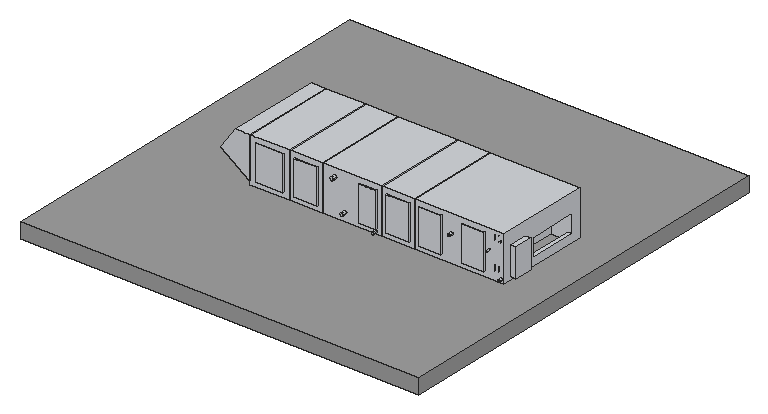
Revit family
Parameters (values of type "4 Row CW")
  Wheel Size [instance] = ""
  Voltage = 480 V
  Unit Weight (lbs) = 3319  # constant formula
  URL = "http://www.appliedair.com"
  Total Static Pressure [instance] = 0.00 in-wg
  Total Heating Capacity [instance] = 0.0 Btu/h
  Total Cooling Capacity [instance] = 0.0 Btu/h
  Temperature Rise [instance] = 0 °F
  Supply Air Pressure Drop [instance] = 0.00 in-wg
  Supply Air Outlet Flow [instance] = 0 CFM
  Supply Air Inlet Flow [instance] = 0 CFM
  Series = "IFL"
  Return Coil Horizontal Offset = 0' - 10"
  Return Air Inlet Flow [instance] = 0 CFM
  Return Air Flow Height = 1' - 8"
  Product URL = "http://www.appliedair.com/ifl.asp"
  Power Vertical Offset = 1' - 2 1/4"
  Power Horizontal Offset = 2' - 6"
  Power Connection Radius = 0' - 0 3/4"
  Phase = 3
  Output Heat [instance] = 0.0 Btu/h
  OmniClass = "23-75 10 24 21 27 17"
  Number of Rows = 4
  Number of Poles = 3
  Nominal Width = 6' - 4"  # constant formula
  Nominal Length = 18' - 11 5/16"  # constant formula
  Nominal Height = 3' - 0"  # constant formula
  Motor Horsepower (HP) [instance] = 0
  Motor Brake Horsepower (BHP) [instance] = 0
  Motor Amps [instance] = 0 A
  Model = "20"
  Minimum Input [instance] = 0.0 Btu/h
  Minimum Air Flow = 1500 CFM
  Maximum Input [instance] = 0.0 Btu/h
  Maximum Air Flow = 5000 CFM
  Manufacturer = "Applied Air"
  M = 3' - 4"  # constant formula
  L = 1' - 2 1/2"  # constant formula
  K = 2' - 4 11/16"  # constant formula
  J = 0' - 6 3/8"  # constant formula
  Heating Leaving Water Temperature [instance] = 0 °F
  Heating Leaving Air Temperature Wet Bulb [instance] = 0 °F
  Heating Leaving Air Temperature Dry Bulb [instance] = 0 °F
  Heating Entering Water Temperature [instance] = 0 °F
  Heating Entering Air Temperature Wet Bulb [instance] = 0 °F
  Heating Entering Air Temperature Dry Bulb [instance] = 0 °F
  Gas Vertical Offset = 1' - 9"  # constant formula
  Gas Horizontal Offset = 0' - 11 1/2"
  Gas Connection Radius = 0' - 0 3/8"  # constant formula
  Condensate Drain Vertical Offset = 0' - 2 3/4"
  Condensate Drain Radius = 0' - 0 3/4"  # constant formula
  Gas Pressure Drop [instance] = 0.00 psi
  Gas Input [instance] = 0.0 Btu/h
  Condensate Drain Horizontal Offset = 0' - 1 27/32"
  Gas Flow [instance] = 0 GPM
  Condensate Drain Connection Radius = Condensate Drain Radius  # 0' - 0 3/4"
  Furnace Size [instance] = ""
  Frequency = 60 Hz
  Fan Speed (RPM) [instance] = 0
  Face Velocity (FPM) [instance] = 0
  Face Pressure Drop [instance] = 0' - 0"
  Drain Pressure Drop [instance] = 0.00 psi
  Drain Flow [instance] = 0 GPM
  Description = "Dedicated Outside Air Split System"
  Cooling Sensible Capacity [instance] = 0 Btu/h
  Cooling Leaving Air Temperature Wet Bulb [instance] = 0 °F
  Cooling Leaving Air Temperature Dry Bulb [instance] = 0 °F
  Cooling Entering Air Temperature Wet Bulb [instance] = 0 °F
  Cooling Entering Air Temperature Dry Bulb [instance] = 0 °F
  Cooling Coil Radius = 0' 2 1/2" / 2  # 0' - 1 1/4"
  H = 0' - 3 1/16"
  G = 1' - 11 5/16"
  Drain Vertical Offset = 0' - 2"
  Drain Radius = 0' - 1"
  Drain Horizontal Offset = 0' - 5"
  Default Elevation = 0' - 0"
  F = 2' - 2"
  E = 4' - 0"
  D = 5' - 4"
  Combustion Air Flow [instance] = 0 CFM
  Coils Depth = 0' - 3"
  Coil Face Area = if(Choose Coil Option = 1, 6.00 SF, if(Choose Coil Option = 2, 10.50 SF, 0.00 SF))  # 10.50 SF
  Choose Coil Option = 2
  Chilled Water Pressure [instance] = 0.00 in-wg
  Chilled Water Flow [instance] = 0 GPM
  Coils Vertical Offsets = 0' - 6 143/256"
  Supply Coil Horizontal Offset = 1' - 6"
  Burner Amps [instance] = 0 A
  B = 6' - 0"
  Assembly Code = "D3030200"
  Apparent Power [instance] = (Motor Amps + Burner Amps) * Voltage * sqrt(3)  # 0 VA
  AHU Material = Galvanized Steel
  24x63 CW Coils = Choose Coil Option = 2  # yes
  24x36 CW Coils = Choose Coil Option = 1  # no
Reference planes (in)
  plane 1 "Center (Front/Back)": y = 0
  plane 2: z = -0.00391
  plane 3 "Center (Left/Right)": x = 0
  plane 4: y = 38
  plane 5: y = -38
  plane 6: x = -24
  plane 7: x = 24
  plane 8: x = 50
  plane 9: z = 35.99609
  plane 10: x = 122
  plane 11: x = -50
  plane 12: x = -82
  plane 13: x = -105.3125
  plane 14: x = -14
  plane 15: x = -6
  plane 16: z = 6.55469
  plane 17: z = 29.4375
  plane 18: y = -41
  plane 19: x = 19
  plane 20: z = 1.99609
  plane 21: x = 80
  plane 22: z = 21.74609
  plane 23: z = 2.74609
  plane 24: x = 120.15625
  plane 25: x = 110.5
  plane 26: z = 20.99609
Forms (in)
  Extrusion 1, solid, material "Default"
    sketch origin (0, 0, 0) x (1, 0, 0) y (0, 1, 0)
      loop
        line (-164.84185, 166) -> (-164.84185, -165.6411) -> (155.35983, -165.6411) -> (155.35983, 166) -> (-164.84185, 166)
    from -0.00391 to -12
  Extrusion 2, solid
    sketch origin (0.62705, 0, 0) x (1, 0, 0) y (0, 0, 1)
      loop
        line (-24.62705, 0) -> (23.37295, 0) -> (23.37295, 35.99609) -> (-24.62705, 35.99609) -> (-24.62705, 0)
    from -38 to 38
  Extrusion 3, solid
    sketch origin (66.62705, 0, 0) x (1, 0, 0) y (0, 0, 1)
      loop
        line (-42.62705, 0) -> (-16.62705, 0) -> (-16.62705, 35.99609) -> (-42.62705, 35.99609) -> (-42.62705, 0)
    from -38 to 38
  Extrusion 4, solid
    sketch origin (120.62705, 0, 0) x (1, 0, 0) y (0, 0, 1)
      loop
        line (-70.62705, 0) -> (1.37295, 0) -> (1.37295, 35.99609) -> (-70.62705, 35.99609) -> (-70.62705, 0)
    from -38 to 38
  Extrusion 5, solid
    sketch origin (-17.37295, 0, 0) x (1, 0, 0) y (0, 0, 1)
      loop
        line (-32.62705, -0.00391) -> (-6.62705, -0.00391) -> (-6.62705, 35.99609) -> (-32.62705, 35.99609) -> (-32.62705, -0.00391)
    from -38 to 38
  Extrusion 6, solid
    sketch origin (-41.37295, 0, 0) x (1, 0, 0) y (0, 0, 1)
      loop
        line (-40.62705, -0.00391) -> (-8.62705, -0.00391) -> (-8.62705, 35.99609) -> (-40.62705, 35.99609) -> (-40.62705, -0.00391)
    from -38 to 38
  Extrusion 7, solid
    sketch origin (0, 0, 0) x (1, 0, 0) y (0, 0, 1)
      loop
        line (-105.3125, 18.99609) -> (-82, 2.99609) -> (-82, 35.99609) -> (-93.64494, 35.99609) -> (-105.3125, 18.99609)
    from -38 to 38
  Extrusion 8, void
    sketch origin (0, 0, 0) x (1, 0, 0) y (0, 1, 0)
      loop
        line (-75, 32) -> (-75, -32) -> (-55, -32) -> (-55, 32) -> (-75, 32)
    from 0 to 31.59567
  Extrusion 9, void
    sketch origin (0, 0, 0) x (0, 1, 0) y (0, 0, 1)
      loop
        line (-32, 9) -> (32, 9) -> (32, 29) -> (-32, 29) -> (-32, 9)
    from -55 to -94.13707
  Extrusion 10, void
    sketch origin (0, 0, 0) x (1, 0, 0) y (0, 0, 1)
      loop
        line (-102.50827, 17.06733) -> (-86.01841, 5.7538) -> (-77.78066, 17.7606) -> (-94.27052, 29.07414) -> (-102.50827, 17.06733)
    from -32 to 32
  Extrusion 11, void
    sketch origin (0, 0, 0) x (1, 0, 0) y (0, 1, 0)
      loop
        line (118.9375, -9.3125) -> (118.9375, 30.6875) -> (104.4375, 30.6875) -> (104.4375, -9.3125) -> (118.9375, -9.3125)
    from 0 to 21.23232
  Extrusion 12, void
    sketch origin (0, 0, 0) x (1, 0, 0) y (0, 0, 1)
      loop
        line (122, 6.37109) -> (122, 20.87109) -> (104.4375, 20.87109) -> (104.4375, 6.37109) -> (122, 6.37109)
    from -30.6875 to 9.3125
  Extrusion 13, solid
    sketch origin (0, 0, 0) x (1, 0, 0) y (0, 1, 0)
      loop
        line (122, -17) -> (122, -32) -> (127, -32) -> (127, -17) -> (122, -17)
    from 3.06225 to 25.87762
  Extrusion 14, solid
    sketch origin (0, 0, 0) x (1, 0, 0) y (0, 0, 1)
      loop
        circle (-6, 6.55469) r 1.25
      loop
        circle (-14, 29.4375) r 1.25
      loop
        circle (19, 1.99609) r 1
      loop
        circle (80, 21.74609) r 0.75
      loop
        circle (120.15625, 2.74609) r 0.75
      loop
        circle (110.5, 20.99609) r 0.375
    from 38 to 41
  Extrusion 15, solid
    sketch origin (0, -38, 0) x (1, 0, 0) y (0, 0, 1)
      loop
        line (-55, 31.99609) -> (-77, 31.99609) -> (-77, 3.99609) -> (-55, 3.99609) -> (-55, 31.99609)
      loop
        line (-28, 31.99609) -> (-46, 31.99609) -> (-46, 3.99609) -> (-28, 3.99609) -> (-28, 31.99609)
      loop
        line (20, 31.99609) -> (6, 31.99609) -> (6, 3.99609) -> (20, 3.99609) -> (20, 31.99609)
      loop
        line (46, 31.99609) -> (28, 31.99609) -> (28, 3.99609) -> (46, 3.99609) -> (46, 31.99609)
      loop
        line (72, 31.99609) -> (54, 31.99609) -> (54, 3.99609) -> (72, 3.99609) -> (72, 31.99609)
      loop
        line (107, 31.99609) -> (89, 31.99609) -> (89, 3.99609) -> (107, 3.99609) -> (107, 31.99609)
    from 0 to 1
  Extrusion 16, void
    sketch origin (0, 0, 0) x (1, 0, 0) y (0, 0, 1)
      loop
        line (114.55215, 32.70523) -> (114.55215, 32.20523) -> (116.80215, 32.20523) -> (116.80215, 32.70523) -> (114.55215, 32.70523)
      loop
        line (117.55215, 32.70523) -> (117.55215, 32.20523) -> (119.80215, 32.20523) -> (119.80215, 32.70523) -> (117.55215, 32.70523)
      loop
        line (114.55215, 33.45523) -> (114.55215, 32.95523) -> (116.80215, 32.95523) -> (116.80215, 33.45523) -> (114.55215, 33.45523)
      loop
        line (117.55215, 33.45523) -> (117.55215, 32.95523) -> (119.80215, 32.95523) -> (119.80215, 33.45523) -> (117.55215, 33.45523)
      loop
        line (114.55215, 31.95523) -> (114.55215, 31.45523) -> (116.80215, 31.45523) -> (116.80215, 31.95523) -> (114.55215, 31.95523)
      loop
        line (117.55215, 31.95523) -> (117.55215, 31.45523) -> (119.80215, 31.45523) -> (119.80215, 31.95523) -> (117.55215, 31.95523)
      loop
        line (114.55215, 31.20523) -> (114.55215, 30.70523) -> (116.80215, 30.70523) -> (116.80215, 31.20523) -> (114.55215, 31.20523)
      loop
        line (117.55215, 31.20523) -> (117.55215, 30.70523) -> (119.80215, 30.70523) -> (119.80215, 31.20523) -> (117.55215, 31.20523)
      loop
        line (114.55215, 30.45523) -> (114.55215, 29.95523) -> (116.80215, 29.95523) -> (116.80215, 30.45523) -> (114.55215, 30.45523)
      loop
        line (117.55215, 30.45523) -> (117.55215, 29.95523) -> (119.80215, 29.95523) -> (119.80215, 30.45523) -> (117.55215, 30.45523)
      loop
        line (114.55215, 29.70523) -> (114.55215, 29.20523) -> (116.80215, 29.20523) -> (116.80215, 29.70523) -> (114.55215, 29.70523)
      loop
        line (117.55215, 29.70523) -> (117.55215, 29.20523) -> (119.80215, 29.20523) -> (119.80215, 29.70523) -> (117.55215, 29.70523)
      loop
        line (114.55215, 7.78696) -> (116.80215, 7.78696) -> (116.80215, 8.28696) -> (114.55215, 8.28696) -> (114.55215, 7.78696)
      loop
        line (117.55215, 7.78696) -> (119.80215, 7.78696) -> (119.80215, 8.28696) -> (117.55215, 8.28696) -> (117.55215, 7.78696)
      loop
        line (114.55215, 7.03696) -> (116.80215, 7.03696) -> (116.80215, 7.53696) -> (114.55215, 7.53696) -> (114.55215, 7.03696)
      loop
        line (117.55215, 7.03696) -> (119.80215, 7.03696) -> (119.80215, 7.53696) -> (117.55215, 7.53696) -> (117.55215, 7.03696)
      loop
        line (114.55215, 8.53696) -> (116.80215, 8.53696) -> (116.80215, 9.03696) -> (114.55215, 9.03696) -> (114.55215, 8.53696)
      loop
        line (117.55215, 8.53696) -> (119.80215, 8.53696) -> (119.80215, 9.03696) -> (117.55215, 9.03696) -> (117.55215, 8.53696)
      loop
        line (114.55215, 9.28696) -> (116.80215, 9.28696) -> (116.80215, 9.78696) -> (114.55215, 9.78696) -> (114.55215, 9.28696)
      loop
        line (117.55215, 9.28696) -> (119.80215, 9.28696) -> (119.80215, 9.78696) -> (117.55215, 9.78696) -> (117.55215, 9.28696)
      loop
        line (114.55215, 10.03696) -> (116.80215, 10.03696) -> (116.80215, 10.53696) -> (114.55215, 10.53696) -> (114.55215, 10.03696)
      loop
        line (117.55215, 10.03696) -> (119.80215, 10.03696) -> (119.80215, 10.53696) -> (117.55215, 10.53696) -> (117.55215, 10.03696)
      loop
        line (114.55215, 10.78696) -> (116.80215, 10.78696) -> (116.80215, 11.28696) -> (114.55215, 11.28696) -> (114.55215, 10.78696)
      loop
        line (117.55215, 10.78696) -> (119.80215, 10.78696) -> (119.80215, 11.28696) -> (117.55215, 11.28696) -> (117.55215, 10.78696)
    from 32 to 38
Cuts and joins
  Extrusion 8, Extrusion 9 cuts Extrusion 6
  Extrusion 9 cuts Extrusion 2
  Extrusion 9 cuts Extrusion 3
  Extrusion 9, Extrusion 10 cuts Extrusion 7
  Extrusion 11, Extrusion 12, Extrusion 16 cuts Extrusion 4
Dimensions and locks (in)
  "Nominal Width": plane 5 to plane 4
  "E": plane 6 to plane 7
  equal spacing: plane 6, plane 3 "Center (Left/Right)", plane 7
  "Nominal Height": plane 9 to plane 2
  "F": plane 7 to plane 8
  "F": plane 11 to plane 6
  locked: plane 12 to plane 11 at 32
  "B": plane 8 to plane 10
  "G": plane 13 to plane 12
  "D": Extrusion 8 sketch curve to Extrusion 8 sketch curve
  locked: Extrusion 8 sketch curve to Extrusion 8 sketch curve at 20
  locked: Extrusion 9 sketch curve to Extrusion 9 sketch curve at 20
  "D": Extrusion 9 sketch curve to Extrusion 9 sketch curve
  locked: level to Extrusion 9 sketch curve at 9
  "K": plane 5 to Extrusion 11 sketch curve
  "M": Extrusion 11 sketch curve to Extrusion 11 sketch curve
  "H": Extrusion 11 sketch curve to plane 10
  "L": Extrusion 11 sketch curve to Extrusion 11 sketch curve
  "J": Extrusion 12 sketch curve to plane 2
  "L": Extrusion 12 sketch curve to Extrusion 12 sketch curve
  "K": cut or joined group of Extrusion 4, Extrusion 11, Extrusion 12, Extrusion 16 to plane 5
  "M": cut or joined group of Extrusion 4, Extrusion 11, Extrusion 12, Extrusion 16 to cut or joined group of Extrusion 4, Extrusion 11, Extrusion 12, Extrusion 16
  locked: plane 9 to Extrusion 13 at 10.11847
  locked: Extrusion 13 to Extrusion 13 at 22.81538
  locked: Extrusion 13 to plane 2 at 3.06615
  locked: Extrusion 13 to Extrusion 13 at 5
  "Coils Depth": plane 18 to plane 5
  "Coils Vertical Offsets": plane 16 to plane 2
  "Coils Vertical Offsets": plane 9 to plane 17
  "Return Coil Horizontal Offset": plane 6 to plane 14
  "Supply Coil Horizontal Offset": plane 6 to plane 15
  "Drain Vertical Offset": plane 20 to plane 2
  "Drain Horizontal Offset": plane 19 to plane 7
  locked: plane 12 to Extrusion 15 sketch curve at 5
  locked: Extrusion 15 sketch curve to plane 11 at 5
  locked: plane 9 to Extrusion 15 sketch curve at 4  (x6)
  locked: Extrusion 15 sketch curve to plane 2 at 4  (x6)
  locked: plane 11 to Extrusion 15 sketch curve at 4
  locked: Extrusion 15 sketch curve to plane 6 at 4
  locked: plane 6 to Extrusion 15 sketch curve at 30
  locked: Extrusion 15 sketch curve to plane 7 at 4
  locked: plane 7 to Extrusion 15 sketch curve at 4
  locked: Extrusion 15 sketch curve to plane 8 at 4
  locked: plane 8 to Extrusion 15 sketch curve at 4
  locked: Extrusion 15 sketch curve to Extrusion 15 sketch curve at 17
  locked: Extrusion 15 sketch curve to plane 10 at 15
  "Power Vertical Offset": plane 9 to plane 22
  "Power Horizontal Offset": plane 8 to plane 21
  locked: Extrusion 15 to plane 5 at 1
  "Condensate Drain Vertical Offset": plane 23 to plane 2
  plane 13 to plane 10 = 18' - 11 5/16"
  "Condensate Drain Horizontal Offset": plane 24 to plane 10
  "Gas Vertical Offset": plane 26 to plane 2
  "Gas Horizontal Offset": plane 25 to plane 10
  locked: Extrusion 14 sketch curve to plane 14 at 0
  locked: Extrusion 14 sketch curve to plane 15 at 0
  locked: Extrusion 14 sketch curve to plane 19 at 0
  locked: Extrusion 14 sketch curve to plane 21 at 0
  locked: Extrusion 14 sketch curve to plane 25 at 0
  locked: Extrusion 14 sketch curve to plane 23 at 0
  locked: Extrusion 14 sketch curve to plane 24 at 0
  locked: Extrusion 14 sketch curve to plane 20 at 0
  locked: Extrusion 14 sketch curve to plane 16 at 0
  locked: Extrusion 14 sketch curve to plane 26 at 0
  locked: Extrusion 14 sketch curve to plane 22 at 0
  locked: Extrusion 14 sketch curve to plane 17 at 0
  "Cooling Coil Radius": radius of Extrusion 14 sketch curve  (x2)
  "Drain Radius": radius of Extrusion 14 sketch curve
  "Power Connection Radius": radius of Extrusion 14 sketch curve
  "Condensate Drain Connection Radius": radius of Extrusion 14 sketch curve
  "Gas Connection Radius": radius of Extrusion 14 sketch curve
  aligned and locked: plane 2 to Extrusion 1
  aligned and locked: Extrusion 2 to plane 4
  aligned and locked: plane 5 to Extrusion 2
  aligned and locked: plane 6 to Extrusion 2
  aligned and locked: plane 7 to Extrusion 2
  aligned and locked: plane 7 to Extrusion 3
  aligned and locked: Extrusion 3 to plane 8
  aligned and locked: plane 9 to Extrusion 2
  aligned and locked: Extrusion 3 to Extrusion 2
  aligned and locked: plane 5 to Extrusion 3
  aligned and locked: Extrusion 3 to plane 4
  aligned and locked: Extrusion 4 to plane 9
  aligned and locked: plane 8 to Extrusion 4
  aligned and locked: Extrusion 4 to plane 10
  aligned and locked: plane 5 to Extrusion 4
  aligned and locked: Extrusion 4 to plane 4
  aligned and locked: Extrusion 5 to plane 6
  aligned and locked: plane 11 to Extrusion 5
  aligned and locked: Extrusion 5 to plane 9
  aligned and locked: Extrusion 5 to plane 2
  aligned and locked: Extrusion 5 to plane 4
  aligned and locked: plane 5 to Extrusion 5
  aligned and locked: plane 5 to Extrusion 6
  aligned and locked: Extrusion 6 to plane 4
  aligned and locked: plane 12 to Extrusion 6
  aligned and locked: Extrusion 6 to plane 11
  aligned and locked: Extrusion 6 to plane 9
  aligned and locked: Extrusion 6 to plane 2
  aligned and locked: Extrusion 7 to plane 9
  aligned and locked: plane 13 to Extrusion 7
  aligned and locked: Extrusion 7 to plane 12
  aligned and locked: Extrusion 7 to plane 4
  aligned and locked: plane 5 to Extrusion 7
  aligned and locked: cut or joined group of Extrusion 6, Extrusion 8, Extrusion 9 to Extrusion 9 sketch curve
  aligned and locked: cut or joined group of Extrusion 6, Extrusion 8, Extrusion 9 to Extrusion 9
  aligned and locked: cut or joined group of Extrusion 6, Extrusion 8, Extrusion 9 to Extrusion 10  (x2)
  aligned and locked: Extrusion 11 to level
  aligned and locked: cut or joined group of Extrusion 4, Extrusion 11, Extrusion 12, Extrusion 16 to Extrusion 12 sketch curve
  aligned and locked: plane 10 to Extrusion 12 sketch curve
  aligned and locked: plane 10 to Extrusion 13
  aligned and locked: plane 5 to Extrusion 14
  aligned and locked: plane 18 to Extrusion 14
  aligned and locked: Extrusion 15 to plane 5
  aligned and locked: cut or joined group of Extrusion 4, Extrusion 11, Extrusion 12, Extrusion 16 to plane 5
Automatic sketch dimensions
  Extrusion 1 sketch curve to Extrusion 1 sketch curve = 26' - 8.20168"
  Extrusion 1 sketch curve to Extrusion 1 sketch curve = 27' - 7.6411"
  Extrusion 2 sketch curve to level = 0' - 0"
  Extrusion 2 sketch curve to plane 6 = 0' - 0"
  Extrusion 2 sketch curve to plane 7 = 0' - 0"
  Extrusion 2 sketch curve to plane 9 = 0' - 0"
  Extrusion 3 sketch curve to level = 0' - 0"
  Extrusion 3 sketch curve to plane 7 = 0' - 0"
  Extrusion 3 sketch curve to plane 8 = 0' - 0"
  Extrusion 3 sketch curve to plane 9 = 0' - 0"
  Extrusion 4 sketch curve to level = 0' - 0"
  Extrusion 4 sketch curve to plane 8 = 0' - 0"
  Extrusion 4 sketch curve to plane 9 = 0' - 0"
  Extrusion 4 sketch curve to plane 10 = 0' - 0"
  Extrusion 5 sketch curve to plane 2 = 0' - 0"
  Extrusion 5 sketch curve to plane 11 = 0' - 0"
  Extrusion 5 sketch curve to plane 6 = 0' - 0"
  Extrusion 5 sketch curve to plane 9 = 0' - 0"
  Extrusion 6 sketch curve to plane 2 = 0' - 0"
  Extrusion 6 sketch curve to plane 12 = 0' - 0"
  Extrusion 6 sketch curve to plane 9 = 0' - 0"
  Extrusion 6 sketch curve to plane 11 = 0' - 0"
  Extrusion 7 sketch curve to plane 13 = 0' - 0"
  Extrusion 7 sketch curve to plane 9 = 0' - 0"
  Extrusion 7 sketch curve to plane 12 = 0' - 0"
  plane 12 to Extrusion 7 sketch curve = 0' - 11.64494"
  plane 17 to Extrusion 7 sketch curve = 0' - 10 113/256"
  Extrusion 8 sketch curve to plane 12 = 0' - 7"
  Extrusion 8 sketch curve to plane 5 = 0' - 6"
  Extrusion 10 sketch curve to plane 13 = 0' - 2.80423"
  plane 17 to Extrusion 10 sketch curve = 0' - 0.36336"
  Extrusion 10 sketch curve to plane 13 = 0' - 11.04198"
  plane 16 to Extrusion 10 sketch curve = 0' - 0.80089"
  Extrusion 10 sketch curve to Extrusion 10 sketch curve = 1' - 4.48986"
  Extrusion 13 sketch curve to plane 10 = 0' - 0"
  Extrusion 13 sketch curve to plane 10 = 0' - 5"
  Extrusion 13 sketch curve to plane 5 = 0' - 6"
  Extrusion 13 sketch curve to Extrusion 13 sketch curve = 1' - 3"
  Extrusion 15 sketch curve to Extrusion 15 sketch curve = 1' - 6"
  Extrusion 16 sketch curve to plane 17 = 0' - 3.26773"
  plane 10 to Extrusion 16 sketch curve = 0' - 7.44785"  (x2)
  Extrusion 16 sketch curve to Extrusion 16 sketch curve = 0' - 0"  (x37)
  plane 17 to Extrusion 16 sketch curve = 0' - 0.23227"  (x2)
  Extrusion 16 sketch curve to Extrusion 16 sketch curve = 0' - 2 1/4"  (x3)
  Extrusion 16 sketch curve to Extrusion 16 sketch curve = 0' - 0 3/4"  (x4)
  plane 10 to Extrusion 16 sketch curve = 0' - 2.19785"  (x3)
  plane 22 to Extrusion 16 sketch curve = 0' - 10.45913"
  Extrusion 16 sketch curve to Extrusion 16 sketch curve = 0' - 0 1/2"  (x21)
  Extrusion 16 sketch curve to Extrusion 16 sketch curve = 0' - 0 1/4"  (x20)
  Extrusion 16 sketch curve to plane 17 = 0' - 0.26773"  (x2)
Connectors (in)
  hvac at (-94.26232, 0, 11.41205), driven by "D", driven by "Return Air Flow Height", driven by "Supply Air Inlet Flow"
    settings: on cut or joined group of Extrusion 7, Extrusion 9, Extrusion 10, index 1
  hvac at (-65, 0, -0.00391), driven by "D", driven by "Return Air Flow Height", driven by "Return Air Inlet Flow"
    settings: on cut or joined group of Extrusion 6, Extrusion 8, Extrusion 9, index 2
  hvac at (111.6875, 10.6875, 0), driven by "M", driven by "L", driven by "Supply Air Outlet Flow"
    settings: on cut or joined group of Extrusion 4, Extrusion 11, Extrusion 12, Extrusion 16, index 3
  hvac at (122, 10.6875, 13.62109), driven by "M", driven by "L", driven by "Supply Air Outlet Flow"
    settings: on cut or joined group of Extrusion 4, Extrusion 11, Extrusion 12, Extrusion 16, index 4
  piping at (-14, -41, 29.4375), driven by "Cooling Coil Radius", driven by "Chilled Water Pressure", driven by "Chilled Water Flow"
    settings: on Extrusion 14, index 5
  piping at (-6, -41, 6.55469), driven by "Cooling Coil Radius", driven by "Chilled Water Flow", driven by "Chilled Water Pressure"
    settings: on Extrusion 14, index 6
  piping at (19, -41, 1.99609), driven by "Drain Radius", driven by "Drain Flow"
    settings: on Extrusion 14, index 7
  electrical at (80, -41, 21.74609), driven by "Number of Poles", driven by "Apparent Power", driven by "Voltage"
    settings: on Extrusion 14, index 8
  piping at (120.15625, -41, 2.74609), driven by "Condensate Drain Radius", driven by "Drain Flow", driven by "Gas Pressure Drop"
    settings: on Extrusion 14, index 9
  piping at (110.5, -41, 20.99609), driven by "Gas Connection Radius", driven by "Gas Flow", driven by "Gas Pressure Drop"
    settings: on Extrusion 14, index 10
